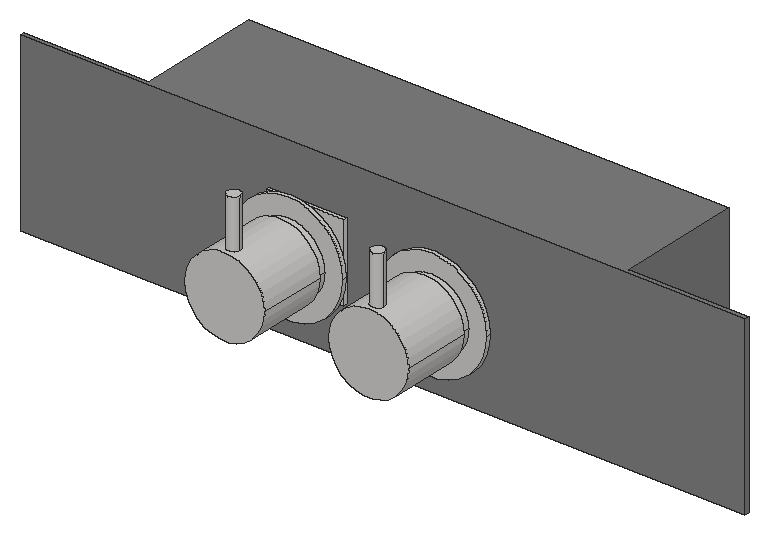
Revit family "2401", category Plumbing Fixtures, Revit 2021
Family settings
  Round Connector Dimension = Use Diameter
  Part Type = Normal
  Work Plane-Based = No
  Always vertical = Yes
  Cut with Voids When Loaded = No
  Shared = No
  Room Calculation Point = No
Parameters
  e-mail = "info@vola.com"
  URL = "http://vola.com"
  Telephone = "+45 7023 5500"
  Quality management standard = "ISO 9001"
  Organisation no. / DUNS no. = "17531328"
  Occupational health and safety management standard = "ISO 18001"
  Mounting Instructions = "http://vola.com/service/producturl.ashx?name=2401"
  Model = "2401"
  Mixer Offset [instance] = 12.00 mm
  Mixer = yes
  Materials and components information = "http://vola.com/service/producturl.ashx?name=2401"
  Manufacturer = "VOLA A/S"
  Maintenance Instructions = "http://vola.com/service/producturl.ashx?name=2401"
  Guarantee = "2 years"
  Flow = "22,00 l/min"
  Environmental management standard = "ISO 14000"
  Default Elevation = 0.00 mm
  Connection - All relevant connections = "½\" for water connection"
  Approvals = "http://vola.com/service/producturl.ashx?name=2401"
Reference planes
  plane 1 "Center (Front/Back)": y = 0
  plane 2: z = 0
  plane 3 "Center (Left/Right)": x = 0
  plane 4 "Mixer plane": y = 12
  plane 5 "Wall Surface": y = 0
Forms (mm)
  Extrusion 1, solid, material "Stainless Steel", visible <- "Mixer"
    sketch origin (55.5, 10, 0) x (0, 0, 1) y (-1, 0, 0)
      loop
        circle (0, 16.5) r 16.5
    from 0 to 10
  Extrusion 2, solid, material "Stainless Steel", visible <- "Mixer"
    sketch origin (-60, 10, 21) x (-1, 0, 0) y (0, 0, -1)
      loop
        circle (-21, 21) r 19.5
    from 0 to 10
Dimensions and locks
  "Mixer Offset": plane 4 "Mixer plane" to plane 1 "Center (Front/Back)"
  aligned and locked: plane 2 to level
  aligned and locked: nested 1 to plane 4 "Mixer plane"
  aligned and locked: plane 1 "Center (Front/Back)" to Extrusion 1
  aligned and locked: plane 1 "Center (Front/Back)" to Extrusion 2
Automatic sketch dimensions
  Extrusion 2 sketch curve to nested 1 = 21.00 mm  (x2)
  radius of Extrusion 1 sketch curve to nested 1 = 0.00 mm
  radius of Extrusion 2 sketch curve = 19.50 mm
Nested families
  nested 1: "2400V" at (0, 82.5, -70), visible <- "Mixer", type "2400V"
  nested 2: "NR24G" at (39, -2, 0), type "NR24G"
  nested 3: "NR21" at (-39, -2, 0), type "NR21"
  nested 4: "001" at (39, 0, 0) x (1, 0, 0) z (0, -1, 0), type "001"
  nested 5: "2001" at (-39, 0, 0) x (1, 0, 0) z (0, -1, 0), type "2001"
Connectors
  piping at (-66, 57.5, -70), diameter 28
    settings: on nested 1, index 1, connector inside diameter 1.10236", connector length 0.00 mm, flow factor 0, pipe flow 0 GPM, pressure drop 0.00 psi, fitting loss kfactor 0, connector angle 0.00°, fixture units 0, engagement length 0.00 mm, angle of deflection 0.00°, flow configuration 0, flow direction 1, fitting loss method 0, system type 19, joint type 0, gender type 0, connector reference index -1, connector utility 0, adjustable connector no, is connector primary yes, connector description ""
  piping at (-12, 57.5, -70), diameter 28
    settings: on nested 1, index 2, connector inside diameter 1.10236", connector length 0.00 mm, flow factor 0, pipe flow 0 GPM, pressure drop 0.00 psi, fitting loss kfactor 0, connector angle 0.00°, fixture units 0, engagement length 0.00 mm, angle of deflection 0.00°, flow configuration 0, flow direction 1, fitting loss method 0, system type 20, joint type 0, gender type 0, connector reference index -1, connector utility 0, adjustable connector no, is connector primary no, connector description ""
Definition of nested family "2400V"
  Parameters
    e-mail = "info@vola.com"
    URL = "http://vola.com"
    Telephone = "+45 7023 5500"
    Quality management standard = "ISO 9001"
    Organisation no. / DUNS no. = "17531328"
    Occupational health and safety management standard = "ISO 18001"
    Mounting Instructions = "http://vola.com/service/producturl.ashx?name=2400V"
    Model = "2400V"
    Materials and components information = "http://vola.com/service/producturl.ashx?name=2400V"
    Manufacturer = "VOLA A/S"
    Maintenance Instructions = "http://vola.com/service/producturl.ashx?name=2400V"
    Guarantee = "2 years"
    Flow = "22,00 l/min"
    Environmental management standard = "ISO 14000"
    Default Elevation = 0.00 mm
    Connection - All relevant connections = ""
    Approvals = "http://vola.com/service/producturl.ashx?name=2400V"
  Reference planes
    plane 1 "Center (Front/Back)": y = 0
    plane 2: z = 0
    plane 3 "Center (Left/Right)": x = 0
    plane 4 "Front Plane": y = -72.5
    plane 5 "Inlet Center Plane": y = -25
    plane 6: z = 70
  Forms (mm)
    Extrusion 1, solid
      sketch origin (0, 0, 1) x (1, 0, 0) y (0, 0, 1)
        loop
          circle (39, 69) r 16.5
      from 70.5 to 72.5
    Extrusion 2, solid
      sketch origin (1032.5, -2.5, 1) x (-1, 0, 0) y (0, 0, -1)
        loop
          line (1092.5, -90) -> (1092.5, -48) -> (1050.5, -48) -> (1050.5, -90) -> (1092.5, -90)
      from 68 to 70
    Extrusion 3, solid
      sketch origin (0, 0, 1) x (1, 0, 0) y (0, 1, 0)
        loop
          line (-127.5, 0) -> (-127.5, -68) -> (132.5, -68) -> (132.5, 0) -> (-127.5, 0)
      from 21.5 to 116.5
    Extrusion 4, solid
      sketch origin (0, 0, 22.5) x (0, 1, 0) y (1, 0, 0)
        loop
          circle (-25, -12) r 14
      from 0 to 22.5
    Extrusion 5, solid
      sketch origin (-54, 0, 22.5) x (0, 1, 0) y (1, 0, 0)
        loop
          circle (-25, -12) r 14
      from 0 to 22.5
    Extrusion 6, solid
      sketch origin (0, 0, 0) x (1, 0, 0) y (0, 1, 0)
        loop
          line (-195, -68) -> (-195, -70.5) -> (197.5, -70.5) -> (197.5, -68) -> (-195, -68)
      from 22.5 to 117.5
  Cuts and joins
    joined: Extrusion 3, Extrusion 6
  Lines and regions (mm)
    reference lines
      curve 1: line (-39, -25, 70) -> (-39, -122.5, 70)
      curve 2: line (39, -37.5, 70) -> (39, -122.5, 70)
      curve 3: line (-66, -25, 70) -> (-66, -25, -29)
      curve 4: line (-12, -25, 70) -> (-12, -25, -29)
      curve 5: line (39, -37.5, 70) -> (39, -37.5, 169)
      curve 6: line (39, -37.5, 70) -> (39, -37.5, -29)
  Dimensions and locks
    aligned and locked: plane 2 to level
    aligned and locked: plane 6 to curve 4
    aligned and locked: plane 6 to curve 3
    aligned and locked: Extrusion 3 to Extrusion 6
    aligned and locked: Extrusion 6 to Extrusion 3
Definition of nested family "NR24G"
  Parameters
    e-mail = "info@vola.com"
    URL = "http://vola.com"
    Telephone = "+45 7023 5500"
    Quality management standard = "ISO 9001"
    Organisation no. / DUNS no. = "17531328"
    Occupational health and safety management standard = "ISO 18001"
    Mounting Instructions = "http://vola.com/service/producturl.ashx?name=NR24G"
    Model = "NR24G"
    Materials and components information = "http://vola.com/service/producturl.ashx?name=NR24G"
    Manufacturer = "VOLA A/S"
    Maintenance Instructions = "http://vola.com/service/producturl.ashx?name=NR24G"
    Guarantee = "2 years"
    Environmental management standard = "ISO 14000"
    Default Elevation = 0.00 mm
    Connection - All relevant connections = ""
    Approvals = "http://vola.com/service/producturl.ashx?name=NR24G"
  Reference planes
    plane 1 "Center (Front/Back)": y = 0
    plane 2: z = 0
    plane 3 "Center (Left/Right)": x = 0
  Forms (mm)
    Extrusion 1, solid
      sketch origin (0, 0, 0) x (1, 0, 0) y (0, 0, 1)
        loop
          circle (0, 0) r 21.5
      from 5 to 42.5
    Extrusion 2, solid
      sketch origin (0, -2, 0) x (0, -1, 0) y (1, 0, 0)
        loop
          circle (34.5, 0) r 3.5
      from 0 to 47.5
    Extrusion 3, solid
      sketch origin (0, 0, 0) x (1, 0, 0) y (0, 0, 1)
        loop
          circle (0, 0) r 20
      from 0 to 5
  Cuts and joins
    joined: Extrusion 1, Extrusion 2
  Dimensions and locks
    cut or joined group of Extrusion 1, Extrusion 2 to level = 47.50 mm
    aligned and locked: plane 2 to level
Definition of nested family "NR21"
  Parameters
    e-mail = "info@vola.com"
    URL = "http://vola.com"
    Telephone = "+45 7023 5500"
    Quality management standard = "ISO 9001"
    Organisation no. / DUNS no. = "17531328"
    Occupational health and safety management standard = "ISO 18001"
    Mounting Instructions = "http://vola.com/service/producturl.ashx?name=NR21"
    Model = "NR21"
    Materials and components information = "http://vola.com/service/producturl.ashx?name=NR21"
    Manufacturer = "VOLA A/S"
    Maintenance Instructions = "http://vola.com/service/producturl.ashx?name=NR21"
    Guarantee = "2 years"
    Environmental management standard = "ISO 14000"
    Default Elevation = 0.00 mm
    Connection - All relevant connections = ""
    Approvals = "http://vola.com/service/producturl.ashx?name=NR21"
  Reference planes
    plane 1 "Center (Front/Back)": y = 0
    plane 2: z = 0
    plane 3 "Center (Left/Right)": x = 0
  Forms (mm)
    Extrusion 1, solid
      sketch origin (0, 0, 0) x (1, 0, 0) y (0, 0, 1)
        loop
          circle (0, 0) r 21.5
      from 5 to 42.5
    Extrusion 2, solid
      sketch origin (0, -2, 0) x (0, -1, 0) y (1, 0, 0)
        loop
          circle (34.5, 0) r 3.5
      from 0 to 47.5
    Extrusion 3, solid
      sketch origin (0, 0, 0) x (1, 0, 0) y (0, 0, 1)
        loop
          circle (0, 0) r 20
      from 0 to 5
  Cuts and joins
    joined: Extrusion 1, Extrusion 2
  Lines and regions (mm)
    model lines
      curve 1: line (-6.05, -42.5, 20.663) -> (-6.05, -42.5, -20.663)
      curve 2: line (6.05, -42.5, 20.663) -> (6.05, -42.5, -20.663)
  Dimensions and locks
    aligned and locked: plane 2 to level
Definition of nested family "001"
  Parameters
    e-mail = "info@vola.com"
    URL = "http://vola.com"
    Telephone = "+45 7023 5500"
    Quality management standard = "ISO 9001"
    Organisation no. / DUNS no. = "17531328"
    Occupational health and safety management standard = "ISO 18001"
    Mounting Instructions = "http://vola.com/service/producturl.ashx?name=001"
    Model = "001"
    Materials and components information = "http://vola.com/service/producturl.ashx?name=001"
    Manufacturer = "VOLA A/S"
    Maintenance Instructions = "http://vola.com/service/producturl.ashx?name=001"
    Guarantee = "2 years"
    Environmental management standard = "ISO 14000"
    Default Elevation = 1219.20 mm
    Connection - All relevant connections = ""
    Approvals = "http://vola.com/service/producturl.ashx?name=001"
  Reference planes
    plane 1 "Center (Front/Back)": y = 0
    plane 2: z = 0
    plane 3 "Center (Left/Right)": x = 0
  Forms (mm)
    Extrusion 1, solid
      sketch origin (0, 0, 0) x (1, 0, 0) y (0, 1, 0)
        loop
          circle (0, 0) r 16.5
        loop
          circle (0, 0) r 30
      from 0 to 2
  Dimensions and locks
    aligned and locked: plane 2 to level
Definition of nested family "2001"
  Parameters
    e-mail = "info@vola.com"
    URL = "http://vola.com"
    Telephone = "+45 7023 5500"
    Quality management standard = "ISO 9001"
    Organisation no. / DUNS no. = "17531328"
    Occupational health and safety management standard = "ISO 18001"
    Mounting Instructions = "http://vola.com/service/producturl.ashx?name=2001"
    Model = "2001"
    Materials and components information = "http://vola.com/service/producturl.ashx?name=2001"
    Manufacturer = "VOLA A/S"
    Maintenance Instructions = "http://vola.com/service/producturl.ashx?name=2001"
    Guarantee = "2 years"
    Environmental management standard = "ISO 14000"
    Default Elevation = 1219.20 mm
    Connection - All relevant connections = ""
    Approvals = "http://vola.com/service/producturl.ashx?name=2001"
  Reference planes
    plane 1 "Center (Front/Back)": y = 0
    plane 2: z = 0
    plane 3 "Center (Left/Right)": x = 0
  Forms (mm)
    Extrusion 1, solid
      sketch origin (0, 0, 0) x (1, 0, 0) y (0, 1, 0)
        loop
          circle (0, 0) r 19.5
        loop
          circle (0, 0) r 30
      from 0 to 2
  Dimensions and locks
    aligned and locked: plane 2 to level
